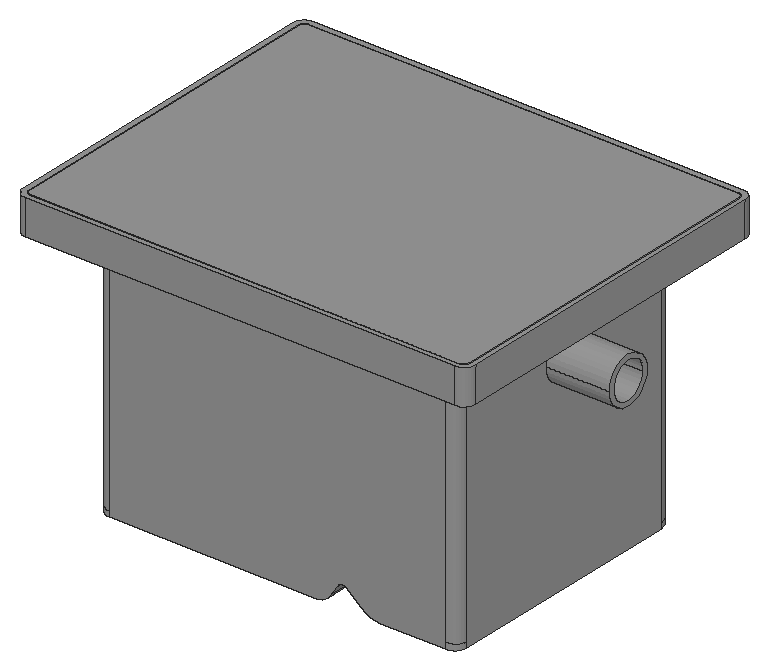
Revit family "Lil_F", category Plumbing Fixtures, Revit 2019
Family settings
  Round Connector Dimension = Use Diameter
  Part Type = Normal
  Work Plane-Based = No
  Always vertical = Yes
  Cut with Voids When Loaded = No
  Shared = No
  Room Calculation Point = No
Parameters (values of type "Lil-7-FUR")
  top 2 = 2"
  URL = "www.mifab.com"
  TOP1 = 1 1/2"
  TOP THK = 1 1/2"
  Pressure Drop = 0.00 psi
  Model = "MI-G-1-PL-PSB-FSCR"
  Mechanical Flow = 7 GPM
  Material = Polyethylene, High Density
  Manufacturer = "MIFAB"
  FULL DIM = 6"
  F2 = F / 2 - 51/256"  # 205/256"
  F/2 = F / 2  # 1"
  F = 2"
  E = 12 1/2"
  Description = "7GPM Lil Max Fur Interceptor"
  D = 9"
  C = 3 1/2"
  BOTTOM 1 = 9"
  B = 15 1/2"
  A+1 = (A + 1") / 1.95  # 10.51282"
  A = 19 1/2"
Types (8): name | top 2 | Model | Mechanical Flow | F2 | F/2 | F | E | Description | D | C | B | A+1 | A
  (no name) | 2" | "MI-G-1-PL-PSB-FSCR" | 7 GPM | 205/256" | 1" | 2" | 12 1/2" | "7GPM Lil Max Fur Interceptor" | 9" | 3 1/2" | 15 1/2" | 10.51282" | 19 1/2"
  Lil-7-FUR | 2" | "MI-G-1-PL-PSB-FSCR" | 7 GPM | 205/256" | 1" | 2" | 12 1/2" | "7GPM Lil Max Fur Interceptor" | 9" | 3 1/2" | 15 1/2" | 10.51282" | 19 1/2"
  Lil-10-FUR | 3.09455" | "MI-G-2-PL-PSB-FSCR" | 10 GPM | 205/256" | 1" | 2" | 13 1/4" | "10GPM Lil Max Fur Interceptor" | 9 3/4" | 3 1/2" | 17 1/2" | 12.30769" | 23"
  Lil-15-FUR | 3.09455" | "MI-G-3-PL-PSB-FSCR" | 15 GPM | 205/256" | 1" | 2" | 16 3/4" | "15GPM Lil Max Fur Interceptor" | 13 1/4" | 3 1/2" | 17 1/2" | 12.30769" | 23"
  Lil-20-FUR | 3.09455" | "MI-G-4-PL-PSB-FSCR" | 20 GPM | 1 77/256" | 1 1/2" | 3" | 14 1/4" | "20GPM Lil Max Fur Interceptor" | 10 3/4" | 3 1/2" | 20 1/2" | 15.64103" | 29 1/2"
  Lil-25-FUR | 3.09455" | "MI-G-5-PL-PSB-FSCR" | 25 GPM | 1 77/256" | 1 1/2" | 3" | 18 1/4" | "25GPM Lil Max Fur Interceptor" | 14 3/4" | 3 1/2" | 20 1/2" | 15.64103" | 29 1/2"
  Lil-35-FUR | 3.09455" | "MI-G-6-PL-PSB-FSCR" | 35 GPM | 1 77/256" | 1 1/2" | 3" | 22 1/4" | "35GPM Lil Max Fur Interceptor" | 16 3/4" | 5 1/2" | 25 1/2" | 17.4359" | 33"
  Lil-50-FUR | 3.09455" | "MI-G-7-PL-PSB-FSCR" | 50 GPM | 1 77/256" | 1 1/2" | 3" | 24 1/4" | "50GPM Lil Max Fur Interceptor" | 18 3/4" | 5 1/2" | 25 1/2" | 17.4359" | 33"
Reference planes (in)
  plane 1 "Center (Front/Back)": y = 0
  plane 2: z = 0
  plane 3 "Center (Left/Right)": x = 0
  plane 4: z = -3.5
  plane 5: z = -12.5
Forms (in)
  Extrusion 1, solid, material "Polyethylene, High Density" <- "Material"
    sketch origin (-0.57139, 0, 0) x (1, 0, 0) y (0, 1, 0)
      loop
        arc (-8.67861, 7.75) -> (-9.03216, 7.60355) -> (-9.17861, 7.25) r 0.5
        line (-9.17861, 7.25) -> (-9.17861, -7.25)
        arc (-9.17861, -7.25) -> (-9.03216, -7.60355) -> (-8.67861, -7.75) r 0.5
        line (-8.67861, -7.75) -> (9.82139, -7.75)
        arc (9.82139, -7.75) -> (10.17494, -7.60355) -> (10.32139, -7.25) r 0.5
        line (10.32139, -7.25) -> (10.32139, 7.25)
        arc (10.32139, 7.25) -> (10.17494, 7.60355) -> (9.82139, 7.75) r 0.5
        line (9.82139, 7.75) -> (-8.67861, 7.75)
      loop
        arc (-8.92861, -7.25) -> (-8.85539, -7.42678) -> (-8.67861, -7.5) r 0.25
        line (-8.67861, -7.5) -> (9.82139, -7.5)
        arc (9.82139, -7.5) -> (9.99817, -7.42678) -> (10.07139, -7.25) r 0.25
        line (10.07139, -7.25) -> (10.07139, 7.25)
        arc (10.07139, 7.25) -> (9.99817, 7.42678) -> (9.82139, 7.5) r 0.25
        line (9.82139, 7.5) -> (-8.67861, 7.5)
        arc (-8.67861, 7.5) -> (-8.85539, 7.42678) -> (-8.92861, 7.25) r 0.25
        line (-8.92861, 7.25) -> (-8.92861, -7.25)
    from -1.5 to 0
  Extrusion 2, solid, material "Polyethylene, High Density" <- "Material"
    sketch origin (0, 0, 0) x (1, 0, 0) y (0, 1, 0)
      loop
        arc (-7.25, 5.75) -> (-7.60355, 5.60355) -> (-7.75, 5.25) r 0.5
        line (-7.75, 5.25) -> (-7.75, -5.25)
        arc (-7.75, -5.25) -> (-7.60355, -5.60355) -> (-7.25, -5.75) r 0.5
        line (-7.25, -5.75) -> (7.25, -5.75)
        arc (7.25, -5.75) -> (7.60355, -5.60355) -> (7.75, -5.25) r 0.5
        line (7.75, -5.25) -> (7.75, 5.25)
        arc (7.75, 5.25) -> (7.60355, 5.60355) -> (7.25, 5.75) r 0.5
        line (7.25, 5.75) -> (-7.25, 5.75)
      loop
        arc (-7.5, -5.25) -> (-7.42678, -5.42678) -> (-7.25, -5.5) r 0.25
        line (-7.25, -5.5) -> (7.25, -5.5)
        arc (7.25, -5.5) -> (7.42678, -5.42678) -> (7.5, -5.25) r 0.25
        line (7.5, -5.25) -> (7.5, 5.25)
        arc (7.5, 5.25) -> (7.42678, 5.42678) -> (7.25, 5.5) r 0.25
        line (7.25, 5.5) -> (-7.25, 5.5)
        arc (-7.25, 5.5) -> (-7.42678, 5.42678) -> (-7.5, 5.25) r 0.25
        line (-7.5, 5.25) -> (-7.5, -5.25)
    from -12.5 to -1.5
  Extrusion 3, solid, material "Polyethylene, High Density" <- "Material"
    sketch origin (0, 0, 0) x (0, 1, 0) y (0, 0, 1)
      loop
        circle (0, -3.5) r 1
    from 7.5 to 10.51282
  Extrusion 4, void
    sketch origin (0, 0, 0) x (0, 1, 0) y (0, 0, 1)
      loop
        circle (0, -3.5) r 0.80078
    from -10.51282 to 10.51282
  Extrusion 5, solid, material "Polyethylene, High Density" <- "Material"
    sketch origin (0, 0, 0) x (0, 1, 0) y (0, 0, -1)
      loop
        circle (0, 3.5) r 1
    from 7.5 to 10.51282
  Extrusion 6, solid, material "Polyethylene, High Density" <- "Material"
    sketch origin (0, 0, 0) x (1, 0, 0) y (0, 1, 0)
      loop
        line (-9.5, 7.25) -> (-9.5, -7.25)
        arc (-9.5, -7.25) -> (-9.42678, -7.42678) -> (-9.25, -7.5) r 0.25
        line (-9.25, -7.5) -> (9.25, -7.5)
        arc (9.25, -7.5) -> (9.42678, -7.42678) -> (9.5, -7.25) r 0.25
        line (9.5, -7.25) -> (9.5, 7.25)
        arc (9.5, 7.25) -> (9.42678, 7.42678) -> (9.25, 7.5) r 0.25
        line (9.25, 7.5) -> (-9.25, 7.5)
        arc (-9.25, 7.5) -> (-9.42678, 7.42678) -> (-9.5, 7.25) r 0.25
      loop
        line (-7.5, 5.25) -> (-7.5, -5.25)
        arc (-7.5, -5.25) -> (-7.42678, -5.42678) -> (-7.25, -5.5) r 0.25
        line (-7.25, -5.5) -> (7.25, -5.5)
        arc (7.25, -5.5) -> (7.42678, -5.42678) -> (7.5, -5.25) r 0.25
        line (7.5, -5.25) -> (7.5, 5.25)
        arc (7.5, 5.25) -> (7.42678, 5.42678) -> (7.25, 5.5) r 0.25
        line (7.25, 5.5) -> (-7.25, 5.5)
        arc (-7.25, 5.5) -> (-7.42678, 5.42678) -> (-7.5, 5.25) r 0.25
    from -1.5 to -1.27407
  Extrusion 7, solid, material "Polyethylene, High Density" <- "Material"
    sketch origin (0, 0, 0) x (1, 0, 0) y (0, 0, 1)
      loop
        line (-7.75, -12.5) -> (1.68146, -12.5)
        arc (1.68146, -12.5) -> (2.08444, -12.38254) -> (2.3612, -12.06696) r 0.75
        line (2.3612, -12.06696) -> (2.63018, -11.66446)
        arc (2.63018, -11.66446) -> (2.78411, -11.56852) -> (2.95785, -11.6206) r 0.22028
        line (2.95785, -11.6206) -> (3.61676, -12.19339)
        arc (3.61676, -12.19339) -> (3.99907, -12.42084) -> (4.43683, -12.5) r 1.25
        line (4.43683, -12.5) -> (7.75, -12.5) -> (7.75, -12.25) -> (4.43683, -12.25)
        arc (4.43683, -12.25) -> (4.08662, -12.18667) -> (3.78077, -12.00471) r 1
        line (3.78077, -12.00471) -> (3.10631, -11.41841)
        arc (3.10631, -11.41841) -> (2.74971, -11.3115) -> (2.43377, -11.50842) r 0.45213
        line (2.43377, -11.50842) -> (2.14162, -11.94558)
        arc (2.14162, -11.94558) -> (1.95733, -12.16701) -> (1.68146, -12.25) r 0.5
        line (1.68146, -12.25) -> (-7.75, -12.25) -> (-7.75, -12.5)
    from -5.75 to 5.75
  Extrusion 8, void
    sketch origin (0, 0, 0) x (1, 0, 0) y (0, 0, 1)
      loop
        line (1.68146, -12.5) -> (4.43683, -12.5)
        arc (4.43683, -12.5) -> (3.99907, -12.42084) -> (3.61676, -12.19339) r 1.25
        line (3.61676, -12.19339) -> (2.95785, -11.6206)
        arc (2.95785, -11.6206) -> (2.78411, -11.56852) -> (2.63018, -11.66446) r 0.22028
        line (2.63018, -11.66446) -> (2.3612, -12.06696)
        arc (2.3612, -12.06696) -> (2.08444, -12.38254) -> (1.68146, -12.5) r 0.75
    from -13.05949 to 13.44892
  Extrusion 9, void
    sketch origin (0, 0, 0) x (1, 0, 0) y (0, 1, 0)
      loop
        arc (-7.25, 5.75) -> (-7.60355, 5.60355) -> (-7.75, 5.25) r 0.5
        line (-7.75, 5.25) -> (-7.75, -5.25)
        arc (-7.75, -5.25) -> (-7.60355, -5.60355) -> (-7.25, -5.75) r 0.5
        line (-7.25, -5.75) -> (7.25, -5.75)
        arc (7.25, -5.75) -> (7.60355, -5.60355) -> (7.75, -5.25) r 0.5
        line (7.75, -5.25) -> (7.75, 5.25)
        arc (7.75, 5.25) -> (7.60355, 5.60355) -> (7.25, 5.75) r 0.5
        line (7.25, 5.75) -> (-7.25, 5.75)
      loop
        arc (-7.25, 6) -> (-7.78033, 5.78033) -> (-8, 5.25) r 0.75
        line (-8, 5.25) -> (-8, -5.25)
        arc (-8, -5.25) -> (-7.78033, -5.78033) -> (-7.25, -6) r 0.75
        line (-7.25, -6) -> (7.25, -6)
        arc (7.25, -6) -> (7.78033, -5.78033) -> (8, -5.25) r 0.75
        line (8, -5.25) -> (8, 5.25)
        arc (8, 5.25) -> (7.78033, 5.78033) -> (7.25, 6) r 0.75
        line (7.25, 6) -> (-7.25, 6)
    from -12.5 to -8.24153
  Extrusion 10, solid, material "Polytetrafluoroethylene"
    sketch origin (0, 0, 0) x (1, 0, 0) y (0, 1, 0)
      loop
        arc (-9.5, -7.25) -> (-9.42678, -7.42678) -> (-9.25, -7.5) r 0.25
        line (-9.25, -7.5) -> (9.25, -7.5)
        arc (9.25, -7.5) -> (9.42678, -7.42678) -> (9.5, -7.25) r 0.25
        line (9.5, -7.25) -> (9.5, 7.25)
        arc (9.5, 7.25) -> (9.42678, 7.42678) -> (9.25, 7.5) r 0.25
        line (9.25, 7.5) -> (-9.25, 7.5)
        arc (-9.25, 7.5) -> (-9.42678, 7.42678) -> (-9.5, 7.25) r 0.25
        line (-9.5, 7.25) -> (-9.5, -7.25)
    from -1.27407 to 0
Cuts and joins
  Extrusion 4 cuts Extrusion 1
  Extrusion 4, Extrusion 8 cuts Extrusion 2
  Extrusion 4 cuts Extrusion 3
  Extrusion 4 cuts Extrusion 5
  Extrusion 4 cuts Extrusion 6
  Extrusion 4, Extrusion 8, Extrusion 9 cuts Extrusion 7
  joined: Extrusion 1, Extrusion 2, Extrusion 3, Extrusion 5, Extrusion 6, Extrusion 7
Dimensions and locks (in)
  "D": plane 5 to plane 4
  "C": level to plane 4
  equal spacing: Extrusion 1 sketch curve, plane 1 "Center (Front/Back)", Extrusion 1 sketch curve
  plane 1 "Center (Front/Back)" to Extrusion 1 sketch curve = 7 3/4"
  equal spacing: Extrusion 1, plane 3 "Center (Left/Right)", Extrusion 1
  "A+1": Extrusion 3 to plane 3 "Center (Left/Right)"
  "A": Extrusion 1 sketch curve to Extrusion 1 sketch curve
  equal spacing: Extrusion 1 sketch curve, plane 3 "Center (Left/Right)", Extrusion 1 sketch curve
  "A+1": cut or joined group 1 (Extrusion 1, Extrusion 2, Extrusion 3, Extrusion 4, Extrusion 5, Extrusion 6, Extrusion 7, Extrusion 8, Extrusion 9) to plane 3 "Center (Left/Right)"
  locked: Extrusion 6 to Extrusion 1 at 0.22593
  equal spacing: Extrusion 2 sketch curve, plane 3 "Center (Left/Right)", Extrusion 2 sketch curve
  equal spacing: Extrusion 2 sketch curve, plane 1 "Center (Front/Back)", Extrusion 2 sketch curve
  cut or joined group 1 to cut or joined group 1 = 1/4"
  locked: cut or joined group 1 to cut or joined group 1 at 0.25  (x3)
  cut or joined group 1 to cut or joined group 1 = 2"
  locked: cut or joined group 1 to cut or joined group 1 at 2
  locked: Extrusion 6 sketch curve to cut or joined group 1 at 2  (x2)
  "B": cut or joined group 1 to cut or joined group 1
  locked: cut or joined group 1 to cut or joined group 1 at 2.25  (x2)
  "F/2": radius of Extrusion 3 sketch curve
  "F2": radius of Extrusion 4 sketch curve
  "F/2": radius of Extrusion 5 sketch curve
  aligned and locked: plane 2 to level
  aligned and locked: level to Extrusion 1
  aligned and locked: Extrusion 2 to plane 5
  aligned and locked: Extrusion 2 to Extrusion 1
  aligned and locked: plane 1 "Center (Front/Back)" to Extrusion 3 sketch curve
  aligned and locked: plane 4 to Extrusion 3 sketch curve
  aligned and locked: plane 1 "Center (Front/Back)" to Extrusion 4 sketch curve
  aligned and locked: plane 4 to Extrusion 4 sketch curve
  aligned and locked: Extrusion 6 sketch curve to Extrusion 1  (x4)
  aligned and locked: Extrusion 1 to Extrusion 6
  aligned and locked: Extrusion 7 sketch curve to cut or joined group 1
  aligned and locked: Extrusion 8 sketch curve to cut or joined group 1  (x3)
  aligned and locked: cut or joined group 1 to Extrusion 8 sketch curve
  aligned and locked: cut or joined group 1 to Extrusion 6 sketch curve  (x2)
  aligned and locked: Extrusion 7 to Extrusion 2  (x2)
  aligned and locked: Extrusion 2 to Extrusion 7
  aligned and locked: Extrusion 2 to Extrusion 3
  aligned and locked: Extrusion 2 to Extrusion 5
  aligned and locked: Extrusion 9 sketch curve to cut or joined group 1  (x4)
  aligned and locked: Extrusion 9 to plane 5
  aligned and locked: Extrusion 10 sketch curve to cut or joined group 1  (x4)
  aligned and locked: Extrusion 10 to cut or joined group 1
  aligned and locked: level to Extrusion 10
  aligned and locked: Extrusion 3 to Extrusion 4
  aligned and locked: Extrusion 5 to Extrusion 4
  aligned and locked: plane 4 to Extrusion 5 sketch curve
  aligned and locked: plane 1 "Center (Front/Back)" to Extrusion 5 sketch curve
Automatic sketch dimensions
  Extrusion 6 sketch curve to Extrusion 6 sketch curve = 1/4"  (x6)
  Extrusion 8 sketch curve to Extrusion 8 sketch curve = 0.67973"
  plane 5 to Extrusion 8 sketch curve = 0.30661"
  Extrusion 8 sketch curve to Extrusion 8 sketch curve = 0.26899"
  Extrusion 8 sketch curve to Extrusion 8 sketch curve = 0.12239"
  Extrusion 8 sketch curve to Extrusion 8 sketch curve = 37/256"
  Extrusion 2 sketch curve to plane 3 "Center (Left/Right)" = 7 3/4"
  Extrusion 2 sketch curve to Extrusion 2 sketch curve = 1/2"  (x4)
  Extrusion 2 sketch curve to Extrusion 2 sketch curve = 0"  (x11)
  Extrusion 2 sketch curve to Extrusion 2 sketch curve = 1/4"
  plane 1 "Center (Front/Back)" to Extrusion 2 sketch curve = 5 3/4"
  Extrusion 6 sketch curve to Extrusion 6 sketch curve = 2"
  Extrusion 7 sketch curve to Extrusion 7 sketch curve = 0"  (x4)
  Extrusion 7 sketch curve to plane 5 = 0"
  Extrusion 7 sketch curve to plane 3 "Center (Left/Right)" = 7 3/4"
  plane 5 to Extrusion 7 sketch curve = 1/4"
  plane 3 "Center (Left/Right)" to Extrusion 7 sketch curve = 1.68146"
  plane 5 to Extrusion 7 sketch curve = 0.55442"
  Extrusion 7 sketch curve to Extrusion 7 sketch curve = 0.46016"
  plane 5 to Extrusion 7 sketch curve = 0.43304"
  Extrusion 7 sketch curve to Extrusion 7 sketch curve = 0.29215"
  plane 5 to Extrusion 7 sketch curve = 0.83554"
  Extrusion 7 sketch curve to Extrusion 7 sketch curve = 0.19641"
  Extrusion 7 sketch curve to Extrusion 7 sketch curve = 0.1795"
  Extrusion 7 sketch curve to Extrusion 7 sketch curve = 0.00364"
  plane 5 to Extrusion 7 sketch curve = 0.8794"
  Extrusion 7 sketch curve to Extrusion 7 sketch curve = 0.14816"
  plane 5 to Extrusion 7 sketch curve = 1.08159"
  Extrusion 7 sketch curve to Extrusion 7 sketch curve = 0.14846"
  plane 5 to Extrusion 7 sketch curve = 0.30661"
  Extrusion 7 sketch curve to Extrusion 7 sketch curve = 0.65891"
  plane 5 to Extrusion 7 sketch curve = 0.49529"
  Extrusion 7 sketch curve to Extrusion 7 sketch curve = 0.16401"
  Extrusion 7 sketch curve to Extrusion 7 sketch curve = 0.65606"
  Extrusion 7 sketch curve to Extrusion 7 sketch curve = 3.31317"
  Extrusion 7 sketch curve to Extrusion 7 sketch curve = 0.02722"
  Extrusion 9 sketch curve to Extrusion 9 sketch curve = 0"  (x7)
  Extrusion 9 sketch curve to Extrusion 9 sketch curve = 1/4"
  Extrusion 1 sketch curve to Extrusion 1 sketch curve = 0"  (x7)
  Extrusion 1 sketch curve to Extrusion 1 sketch curve = 1/4"  (x5)
  Extrusion 3 sketch curve to plane 4 = 0"
Connectors (in)
  piping at (10.51282, 0, -3.5), diameter 2, driven by "F", driven by "Mechanical Flow"
    settings: on cut or joined group 1, index 1, connector inside diameter 24", connector length 0", flow factor 0, pipe flow 7 GPM, pressure drop 0.00 psi, fitting loss kfactor 0, connector angle 0.00°, fixture units 0, engagement length 0", angle of deflection 0.00°, flow configuration 0, flow direction 0, fitting loss method 0, system type 7, joint type 0, gender type 0, connector reference index -1, connector utility 0, adjustable connector no, is connector primary yes, connector description ""
  piping at (-10.51282, 0, -3.5), diameter 2, driven by "F", driven by "Mechanical Flow"
    settings: on cut or joined group 1, index 2, connector inside diameter 24", connector length 0", flow factor 0, pipe flow 7 GPM, pressure drop 0.00 psi, fitting loss kfactor 0, connector angle 0.00°, fixture units 0, engagement length 0", angle of deflection 0.00°, flow configuration 0, flow direction 0, fitting loss method 0, system type 7, joint type 0, gender type 0, connector reference index -1, connector utility 0, adjustable connector no, is connector primary no, connector description ""
